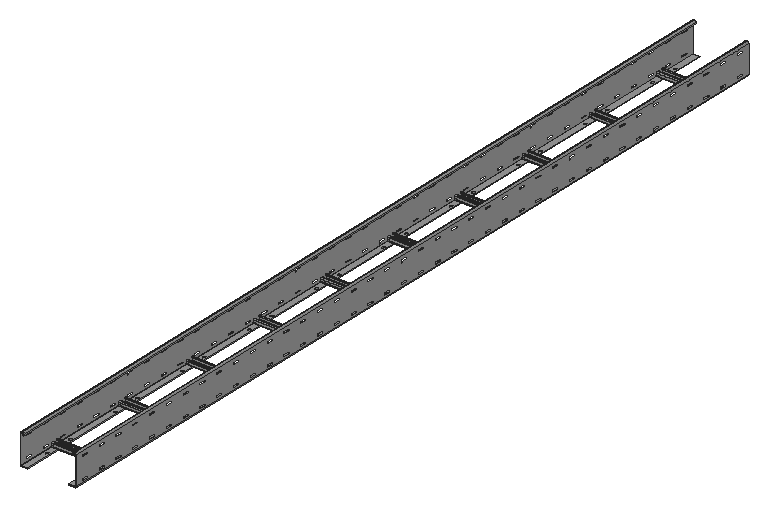
Revit family "Kabelleiter - LG 116 VS 6 FT -", category Generic Models, Revit 2017 (continued)
Dimensions and locks
  locked: Extrusion 74 sketch curve to Extrusion 74 sketch curve at 9
  locked: plane 219 to Extrusion 74 sketch curve at 4.5
  locked: plane 224 to plane 223 at 37.5
  locked: plane 224 to plane 225 at 75
  locked: plane 225 to Extrusion 75 sketch curve at 4.5
  locked: Extrusion 75 sketch curve to Extrusion 75 sketch curve at 28
  locked: Extrusion 75 sketch curve to plane 222 at 14
  locked: plane 226 to plane 227 at 75
  locked: Extrusion 76 sketch curve to Extrusion 76 sketch curve at 28
  locked: plane 228 to Extrusion 76 sketch curve at 14
  locked: Extrusion 76 sketch curve to Extrusion 76 sketch curve at 9
  locked: plane 226 to Extrusion 76 sketch curve at 4.5
  locked: plane 231 to plane 230 at 37.5
  locked: plane 231 to plane 232 at 75
  locked: plane 232 to Extrusion 77 sketch curve at 4.5
  locked: Extrusion 77 sketch curve to Extrusion 77 sketch curve at 28
  locked: Extrusion 77 sketch curve to plane 229 at 14
  locked: plane 233 to plane 234 at 75
  locked: Extrusion 78 sketch curve to Extrusion 78 sketch curve at 28
  locked: plane 235 to Extrusion 78 sketch curve at 14
  locked: Extrusion 78 sketch curve to Extrusion 78 sketch curve at 9
  locked: plane 233 to Extrusion 78 sketch curve at 4.5
  locked: plane 238 to plane 237 at 37.5
  locked: plane 238 to plane 239 at 75
  locked: plane 239 to Extrusion 79 sketch curve at 4.5
  locked: Extrusion 79 sketch curve to Extrusion 79 sketch curve at 28
  locked: Extrusion 79 sketch curve to plane 236 at 14
  locked: plane 240 to plane 241 at 75
  locked: Extrusion 80 sketch curve to Extrusion 80 sketch curve at 28
  locked: plane 242 to Extrusion 80 sketch curve at 14
  locked: Extrusion 80 sketch curve to Extrusion 80 sketch curve at 9
  locked: plane 240 to Extrusion 80 sketch curve at 4.5
  locked: plane 245 to plane 244 at 37.5
  locked: plane 245 to plane 246 at 75
  locked: plane 246 to Extrusion 81 sketch curve at 4.5
  locked: Extrusion 81 sketch curve to Extrusion 81 sketch curve at 28
  locked: Extrusion 81 sketch curve to plane 243 at 14
  locked: plane 247 to plane 248 at 75
  locked: Extrusion 82 sketch curve to Extrusion 82 sketch curve at 28
  locked: plane 249 to Extrusion 82 sketch curve at 14
  locked: Extrusion 82 sketch curve to Extrusion 82 sketch curve at 9
  locked: plane 247 to Extrusion 82 sketch curve at 4.5
  locked: plane 252 to plane 251 at 37.5
  locked: plane 252 to plane 253 at 75
  locked: plane 253 to Extrusion 83 sketch curve at 4.5
  locked: Extrusion 83 sketch curve to Extrusion 83 sketch curve at 28
  locked: Extrusion 83 sketch curve to plane 250 at 14
  locked: plane 254 to plane 255 at 75
  locked: Extrusion 84 sketch curve to Extrusion 84 sketch curve at 28
  locked: plane 256 to Extrusion 84 sketch curve at 14
  locked: Extrusion 84 sketch curve to Extrusion 84 sketch curve at 9
  locked: plane 254 to Extrusion 84 sketch curve at 4.5
  locked: plane 259 to plane 258 at 37.5
  locked: plane 259 to plane 260 at 75
  locked: plane 260 to Extrusion 85 sketch curve at 4.5
  locked: Extrusion 85 sketch curve to Extrusion 85 sketch curve at 28
  locked: Extrusion 85 sketch curve to plane 257 at 14
  locked: plane 261 to plane 262 at 75
  locked: Extrusion 86 sketch curve to Extrusion 86 sketch curve at 28
  locked: plane 263 to Extrusion 86 sketch curve at 14
  locked: Extrusion 86 sketch curve to Extrusion 86 sketch curve at 9
  locked: plane 261 to Extrusion 86 sketch curve at 4.5
  locked: plane 266 to plane 265 at 37.5
  locked: plane 266 to plane 267 at 75
  locked: plane 267 to Extrusion 87 sketch curve at 4.5
  locked: Extrusion 87 sketch curve to Extrusion 87 sketch curve at 28
  locked: Extrusion 87 sketch curve to plane 264 at 14
  locked: plane 268 to plane 269 at 75
  locked: Extrusion 88 sketch curve to Extrusion 88 sketch curve at 28
  locked: plane 270 to Extrusion 88 sketch curve at 14
  locked: Extrusion 88 sketch curve to Extrusion 88 sketch curve at 9
  locked: plane 268 to Extrusion 88 sketch curve at 4.5
  locked: plane 273 to plane 272 at 37.5
  locked: plane 273 to plane 274 at 75
  locked: plane 274 to Extrusion 89 sketch curve at 4.5
  locked: Extrusion 89 sketch curve to Extrusion 89 sketch curve at 28
  locked: Extrusion 89 sketch curve to plane 271 at 14
  locked: plane 275 to plane 276 at 75
  locked: Extrusion 90 sketch curve to Extrusion 90 sketch curve at 28
  locked: plane 277 to Extrusion 90 sketch curve at 14
  locked: Extrusion 90 sketch curve to Extrusion 90 sketch curve at 9
  locked: plane 275 to Extrusion 90 sketch curve at 4.5
  locked: plane 280 to plane 279 at 37.5
  locked: plane 280 to plane 281 at 75
  locked: plane 281 to Extrusion 91 sketch curve at 4.5
  locked: Extrusion 91 sketch curve to Extrusion 91 sketch curve at 28
  locked: Extrusion 91 sketch curve to plane 278 at 14
  locked: plane 282 to plane 283 at 75
  locked: Extrusion 92 sketch curve to Extrusion 92 sketch curve at 28
  locked: plane 284 to Extrusion 92 sketch curve at 14
  locked: Extrusion 92 sketch curve to Extrusion 92 sketch curve at 9
  locked: plane 282 to Extrusion 92 sketch curve at 4.5
  locked: plane 287 to plane 286 at 37.5
  locked: plane 287 to plane 288 at 75
  locked: plane 288 to Extrusion 93 sketch curve at 4.5
  locked: Extrusion 93 sketch curve to Extrusion 93 sketch curve at 28
  locked: Extrusion 93 sketch curve to plane 285 at 14
  locked: plane 289 to plane 290 at 75
  locked: Extrusion 94 sketch curve to Extrusion 94 sketch curve at 28
  locked: plane 291 to Extrusion 94 sketch curve at 14
  locked: Extrusion 94 sketch curve to Extrusion 94 sketch curve at 9
  locked: plane 289 to Extrusion 94 sketch curve at 4.5
  locked: plane 294 to plane 293 at 37.5
  locked: plane 294 to plane 295 at 75
  locked: plane 295 to Extrusion 95 sketch curve at 4.5
  locked: Extrusion 95 sketch curve to Extrusion 95 sketch curve at 28
  locked: Extrusion 95 sketch curve to plane 292 at 14
  locked: plane 296 to plane 297 at 75
  locked: Extrusion 96 sketch curve to Extrusion 96 sketch curve at 28
  locked: plane 298 to Extrusion 96 sketch curve at 14
  locked: Extrusion 96 sketch curve to Extrusion 96 sketch curve at 9
  locked: plane 296 to Extrusion 96 sketch curve at 4.5
  locked: plane 301 to plane 300 at 37.5
  locked: plane 301 to plane 302 at 75
  locked: plane 302 to Extrusion 97 sketch curve at 4.5
  locked: Extrusion 97 sketch curve to Extrusion 97 sketch curve at 28
  locked: Extrusion 97 sketch curve to plane 299 at 14
  locked: plane 303 to plane 304 at 75
  locked: Extrusion 98 sketch curve to Extrusion 98 sketch curve at 28
  locked: plane 305 to Extrusion 98 sketch curve at 14
  locked: Extrusion 98 sketch curve to Extrusion 98 sketch curve at 9
  locked: plane 303 to Extrusion 98 sketch curve at 4.5
  locked: plane 308 to plane 307 at 37.5
  locked: plane 308 to plane 309 at 75
  locked: plane 309 to Extrusion 99 sketch curve at 4.5
  locked: Extrusion 99 sketch curve to Extrusion 99 sketch curve at 28
  locked: Extrusion 99 sketch curve to plane 306 at 14
  locked: plane 310 to plane 311 at 75
  locked: Extrusion 100 sketch curve to Extrusion 100 sketch curve at 28
  locked: plane 312 to Extrusion 100 sketch curve at 14
  locked: Extrusion 100 sketch curve to Extrusion 100 sketch curve at 9
  locked: plane 310 to Extrusion 100 sketch curve at 4.5
  locked: plane 315 to plane 314 at 37.5
  locked: plane 315 to plane 316 at 75
  locked: plane 316 to Extrusion 101 sketch curve at 4.5
  locked: Extrusion 101 sketch curve to Extrusion 101 sketch curve at 28
  locked: Extrusion 101 sketch curve to plane 313 at 14
  locked: plane 317 to plane 318 at 75
  locked: Extrusion 102 sketch curve to Extrusion 102 sketch curve at 28
  locked: plane 319 to Extrusion 102 sketch curve at 14
  locked: Extrusion 102 sketch curve to Extrusion 102 sketch curve at 9
  locked: plane 317 to Extrusion 102 sketch curve at 4.5
  locked: plane 322 to plane 321 at 37.5
  locked: plane 322 to plane 323 at 75
  locked: plane 323 to Extrusion 103 sketch curve at 4.5
  locked: Extrusion 103 sketch curve to Extrusion 103 sketch curve at 28
  locked: Extrusion 103 sketch curve to plane 320 at 14
  locked: plane 324 to plane 325 at 75
  locked: Extrusion 104 sketch curve to Extrusion 104 sketch curve at 28
  locked: plane 326 to Extrusion 104 sketch curve at 14
  locked: Extrusion 104 sketch curve to Extrusion 104 sketch curve at 9
  locked: plane 324 to Extrusion 104 sketch curve at 4.5
  locked: plane 329 to plane 328 at 37.5
  locked: plane 329 to plane 330 at 75
  locked: plane 330 to Extrusion 105 sketch curve at 4.5
  locked: Extrusion 105 sketch curve to Extrusion 105 sketch curve at 28
  locked: Extrusion 105 sketch curve to plane 327 at 14
  locked: plane 331 to plane 332 at 75
  locked: Extrusion 106 sketch curve to Extrusion 106 sketch curve at 28
  locked: plane 333 to Extrusion 106 sketch curve at 14
  locked: Extrusion 106 sketch curve to Extrusion 106 sketch curve at 9
  locked: plane 331 to Extrusion 106 sketch curve at 4.5
  locked: plane 336 to plane 335 at 37.5
  locked: plane 336 to plane 337 at 75
  locked: plane 337 to Extrusion 107 sketch curve at 4.5
  locked: Extrusion 107 sketch curve to Extrusion 107 sketch curve at 28
  locked: Extrusion 107 sketch curve to plane 334 at 14
  locked: plane 338 to plane 339 at 75
  locked: Extrusion 108 sketch curve to Extrusion 108 sketch curve at 28
  locked: plane 340 to Extrusion 108 sketch curve at 14
  locked: Extrusion 108 sketch curve to Extrusion 108 sketch curve at 9
  locked: plane 338 to Extrusion 108 sketch curve at 4.5
  locked: plane 343 to plane 342 at 37.5
  locked: plane 343 to plane 344 at 75
  locked: plane 344 to Extrusion 109 sketch curve at 4.5
  locked: Extrusion 109 sketch curve to Extrusion 109 sketch curve at 28
  locked: Extrusion 109 sketch curve to plane 341 at 14
  locked: plane 345 to plane 346 at 75
  locked: Extrusion 110 sketch curve to Extrusion 110 sketch curve at 28
  locked: plane 347 to Extrusion 110 sketch curve at 14
  locked: Extrusion 110 sketch curve to Extrusion 110 sketch curve at 9
  locked: plane 345 to Extrusion 110 sketch curve at 4.5
  locked: plane 350 to plane 349 at 37.5
  locked: plane 350 to plane 351 at 75
  locked: plane 351 to Extrusion 111 sketch curve at 4.5
  locked: Extrusion 111 sketch curve to Extrusion 111 sketch curve at 28
  locked: Extrusion 111 sketch curve to plane 348 at 14
  locked: plane 352 to plane 353 at 75
  locked: Extrusion 112 sketch curve to Extrusion 112 sketch curve at 28
  locked: plane 354 to Extrusion 112 sketch curve at 14
  locked: Extrusion 112 sketch curve to Extrusion 112 sketch curve at 9
  locked: plane 352 to Extrusion 112 sketch curve at 4.5
  locked: plane 357 to plane 356 at 37.5
  locked: plane 357 to plane 358 at 75
  locked: plane 358 to Extrusion 113 sketch curve at 4.5
  locked: Extrusion 113 sketch curve to Extrusion 113 sketch curve at 28
  locked: Extrusion 113 sketch curve to plane 355 at 14
  locked: plane 359 to plane 360 at 75
  locked: Extrusion 114 sketch curve to Extrusion 114 sketch curve at 28
  locked: plane 361 to Extrusion 114 sketch curve at 14
  locked: Extrusion 114 sketch curve to Extrusion 114 sketch curve at 9
  locked: plane 359 to Extrusion 114 sketch curve at 4.5
  locked: plane 364 to plane 363 at 37.5
  locked: plane 364 to plane 365 at 75
  locked: plane 365 to Extrusion 115 sketch curve at 4.5
  locked: Extrusion 115 sketch curve to Extrusion 115 sketch curve at 28
  locked: Extrusion 115 sketch curve to plane 362 at 14
  locked: plane 366 to plane 367 at 75
  locked: Extrusion 116 sketch curve to Extrusion 116 sketch curve at 28
  locked: plane 368 to Extrusion 116 sketch curve at 14
  locked: Extrusion 116 sketch curve to Extrusion 116 sketch curve at 9
  locked: plane 366 to Extrusion 116 sketch curve at 4.5
  locked: plane 371 to plane 370 at 37.5
  locked: plane 371 to plane 372 at 75
  locked: plane 372 to Extrusion 117 sketch curve at 4.5
  locked: Extrusion 117 sketch curve to Extrusion 117 sketch curve at 28
  locked: Extrusion 117 sketch curve to plane 369 at 14
  locked: plane 373 to plane 374 at 75
  locked: Extrusion 118 sketch curve to Extrusion 118 sketch curve at 28
  locked: plane 375 to Extrusion 118 sketch curve at 14
  locked: Extrusion 118 sketch curve to Extrusion 118 sketch curve at 9
  locked: plane 373 to Extrusion 118 sketch curve at 4.5
  locked: plane 378 to plane 377 at 37.5
  locked: plane 378 to plane 379 at 75
  locked: plane 379 to Extrusion 119 sketch curve at 4.5
  locked: Extrusion 119 sketch curve to Extrusion 119 sketch curve at 28
  locked: Extrusion 119 sketch curve to plane 376 at 14
  locked: plane 380 to plane 381 at 75
  locked: Extrusion 120 sketch curve to Extrusion 120 sketch curve at 28
  locked: plane 382 to Extrusion 120 sketch curve at 14
  locked: Extrusion 120 sketch curve to Extrusion 120 sketch curve at 9
  locked: plane 380 to Extrusion 120 sketch curve at 4.5
  locked: plane 385 to plane 384 at 37.5
  locked: plane 385 to plane 386 at 75
  locked: plane 386 to Extrusion 121 sketch curve at 4.5
  locked: Extrusion 121 sketch curve to Extrusion 121 sketch curve at 28
  locked: Extrusion 121 sketch curve to plane 383 at 14
  locked: plane 387 to plane 388 at 75
  locked: Extrusion 122 sketch curve to Extrusion 122 sketch curve at 28
  locked: plane 389 to Extrusion 122 sketch curve at 14
  locked: Extrusion 122 sketch curve to Extrusion 122 sketch curve at 9
  locked: plane 387 to Extrusion 122 sketch curve at 4.5
  locked: plane 392 to plane 391 at 37.5
  locked: plane 392 to plane 393 at 75
  locked: plane 393 to Extrusion 123 sketch curve at 4.5
  locked: Extrusion 123 sketch curve to Extrusion 123 sketch curve at 28
  locked: Extrusion 123 sketch curve to plane 390 at 14
  locked: plane 394 to plane 395 at 75
  locked: Extrusion 124 sketch curve to Extrusion 124 sketch curve at 28
  locked: plane 396 to Extrusion 124 sketch curve at 14
  locked: Extrusion 124 sketch curve to Extrusion 124 sketch curve at 9
  locked: plane 394 to Extrusion 124 sketch curve at 4.5
  locked: plane 399 to plane 398 at 37.5
  locked: plane 399 to plane 400 at 75
  locked: plane 400 to Extrusion 125 sketch curve at 4.5
  locked: Extrusion 125 sketch curve to Extrusion 125 sketch curve at 28
  locked: Extrusion 125 sketch curve to plane 397 at 14
  locked: plane 401 to plane 402 at 75
  locked: Extrusion 126 sketch curve to Extrusion 126 sketch curve at 28
  locked: plane 403 to Extrusion 126 sketch curve at 14
  locked: Extrusion 126 sketch curve to Extrusion 126 sketch curve at 9
  locked: plane 401 to Extrusion 126 sketch curve at 4.5
  locked: plane 406 to plane 405 at 37.5
  locked: plane 406 to plane 407 at 75
  locked: plane 407 to Extrusion 127 sketch curve at 4.5
  locked: Extrusion 127 sketch curve to Extrusion 127 sketch curve at 28
  locked: Extrusion 127 sketch curve to plane 404 at 14
  locked: plane 408 to plane 409 at 75
  locked: Extrusion 128 sketch curve to Extrusion 128 sketch curve at 28
  locked: plane 410 to Extrusion 128 sketch curve at 14
  locked: Extrusion 128 sketch curve to Extrusion 128 sketch curve at 9
  locked: plane 408 to Extrusion 128 sketch curve at 4.5
  locked: plane 413 to plane 412 at 37.5
  locked: plane 413 to plane 414 at 75
  locked: plane 414 to Extrusion 129 sketch curve at 4.5
  locked: Extrusion 129 sketch curve to Extrusion 129 sketch curve at 28
  locked: Extrusion 129 sketch curve to plane 411 at 14
  locked: plane 415 to plane 416 at 75
  locked: Extrusion 130 sketch curve to Extrusion 130 sketch curve at 28
  locked: plane 417 to Extrusion 130 sketch curve at 14
  locked: Extrusion 130 sketch curve to Extrusion 130 sketch curve at 9
  locked: plane 415 to Extrusion 130 sketch curve at 4.5
  locked: plane 420 to plane 419 at 37.5
  locked: plane 420 to plane 421 at 75
  locked: plane 421 to Extrusion 131 sketch curve at 4.5
  locked: Extrusion 131 sketch curve to Extrusion 131 sketch curve at 28
  locked: Extrusion 131 sketch curve to plane 418 at 14
  locked: plane 422 to plane 423 at 75
  locked: Extrusion 132 sketch curve to Extrusion 132 sketch curve at 28
  locked: plane 424 to Extrusion 132 sketch curve at 14
  locked: Extrusion 132 sketch curve to Extrusion 132 sketch curve at 9
  locked: plane 422 to Extrusion 132 sketch curve at 4.5
  locked: plane 427 to plane 426 at 37.5
  locked: plane 427 to plane 428 at 75
  locked: plane 428 to Extrusion 133 sketch curve at 4.5
  locked: Extrusion 133 sketch curve to Extrusion 133 sketch curve at 28
  locked: Extrusion 133 sketch curve to plane 425 at 14
  locked: plane 429 to plane 430 at 75
  locked: Extrusion 134 sketch curve to Extrusion 134 sketch curve at 28
  locked: plane 431 to Extrusion 134 sketch curve at 14
  locked: Extrusion 134 sketch curve to Extrusion 134 sketch curve at 9
  locked: plane 429 to Extrusion 134 sketch curve at 4.5
  locked: plane 434 to plane 433 at 37.5
  locked: plane 434 to plane 435 at 75
  locked: plane 435 to Extrusion 135 sketch curve at 4.5
  locked: Extrusion 135 sketch curve to Extrusion 135 sketch curve at 28
  locked: Extrusion 135 sketch curve to plane 432 at 14
  locked: plane 436 to plane 437 at 75
  locked: Extrusion 136 sketch curve to Extrusion 136 sketch curve at 28
  locked: plane 438 to Extrusion 136 sketch curve at 14
  locked: Extrusion 136 sketch curve to Extrusion 136 sketch curve at 9
  locked: plane 436 to Extrusion 136 sketch curve at 4.5
  locked: plane 441 to plane 440 at 37.5
  locked: plane 441 to plane 442 at 75
  locked: plane 442 to Extrusion 137 sketch curve at 4.5
  locked: Extrusion 137 sketch curve to Extrusion 137 sketch curve at 28
  locked: Extrusion 137 sketch curve to plane 439 at 14
  locked: plane 443 to plane 444 at 75
  locked: Extrusion 138 sketch curve to Extrusion 138 sketch curve at 28
  locked: plane 445 to Extrusion 138 sketch curve at 14
  locked: Extrusion 138 sketch curve to Extrusion 138 sketch curve at 9
  locked: plane 443 to Extrusion 138 sketch curve at 4.5
  locked: plane 448 to plane 447 at 37.5
  locked: plane 448 to plane 449 at 75
  locked: plane 449 to Extrusion 139 sketch curve at 4.5
  locked: Extrusion 139 sketch curve to Extrusion 139 sketch curve at 28
  locked: Extrusion 139 sketch curve to plane 446 at 14
  locked: plane 450 to plane 451 at 75
  locked: Extrusion 140 sketch curve to Extrusion 140 sketch curve at 28
  locked: plane 452 to Extrusion 140 sketch curve at 14
  locked: Extrusion 140 sketch curve to Extrusion 140 sketch curve at 9
  locked: plane 450 to Extrusion 140 sketch curve at 4.5
  locked: plane 455 to plane 454 at 37.5
  locked: plane 455 to plane 456 at 75
  locked: plane 456 to Extrusion 141 sketch curve at 4.5
  locked: Extrusion 141 sketch curve to Extrusion 141 sketch curve at 28
  locked: Extrusion 141 sketch curve to plane 453 at 14
  locked: plane 457 to plane 458 at 75
  locked: Extrusion 142 sketch curve to Extrusion 142 sketch curve at 28
  locked: plane 459 to Extrusion 142 sketch curve at 14
  locked: Extrusion 142 sketch curve to Extrusion 142 sketch curve at 9
  locked: plane 457 to Extrusion 142 sketch curve at 4.5
  locked: plane 462 to plane 461 at 37.5
  locked: plane 462 to plane 463 at 75
  locked: plane 463 to Extrusion 143 sketch curve at 4.5
  locked: Extrusion 143 sketch curve to Extrusion 143 sketch curve at 28
  locked: Extrusion 143 sketch curve to plane 460 at 14
  locked: plane 464 to plane 465 at 75
  locked: Extrusion 144 sketch curve to Extrusion 144 sketch curve at 28
  locked: plane 466 to Extrusion 144 sketch curve at 14
  locked: Extrusion 144 sketch curve to Extrusion 144 sketch curve at 9
  locked: plane 464 to Extrusion 144 sketch curve at 4.5
  locked: plane 467 to plane 468 at 75
  Extrusion 145 sketch curve to Extrusion 145 sketch curve = 8.403 mm
  locked: plane 467 to Extrusion 145 sketch curve at 4.5
  locked: Extrusion 145 sketch curve to Extrusion 145 sketch curve at 28
  locked: Extrusion 145 sketch curve to plane 469 at 14
  locked: plane 470 to plane 471 at 75
  Extrusion 146 sketch curve to Extrusion 146 sketch curve = 8.403 mm
  locked: plane 470 to Extrusion 146 sketch curve at 4.5
  locked: Extrusion 146 sketch curve to Extrusion 146 sketch curve at 28
  locked: Extrusion 146 sketch curve to plane 472 at 14
  group 81 to group 82 = 0 mm  (x2)
  group 82 to group 81 = 75 mm
  Extrusion 147 sketch curve to Extrusion 147 sketch curve = 8.403 mm
  locked: plane 473 to Extrusion 147 sketch curve at 4.5
  locked: Extrusion 147 sketch curve to Extrusion 147 sketch curve at 28
  locked: Extrusion 147 sketch curve to plane 475 at 14
  locked: plane 476 to plane 477 at 75
  Extrusion 148 sketch curve to Extrusion 148 sketch curve = 8.403 mm
  locked: plane 476 to Extrusion 148 sketch curve at 4.5
  locked: Extrusion 148 sketch curve to Extrusion 148 sketch curve at 28
  locked: Extrusion 148 sketch curve to plane 478 at 14
  locked: plane 479 to plane 480 at 75
  Extrusion 149 sketch curve to Extrusion 149 sketch curve = 8.403 mm
  locked: plane 479 to Extrusion 149 sketch curve at 4.5
  locked: Extrusion 149 sketch curve to Extrusion 149 sketch curve at 28
  locked: Extrusion 149 sketch curve to plane 481 at 14
  group 85 to group 86 = 0 mm  (x2)
  group 86 to group 85 = 75 mm
  equal spacing: group 83, group 87, group 90, group 93, group 96, group 99, group 102, group 105, group 108, group 111, group 114, group 117, group 120, group 123, group 126, group 129, group 132, group 135, group 138, group 141, group 144, group 147, group 150, group 153, group 156, group 159, group 162, group 165, group 168, group 171, group 174, group 177, group 180, group 183, group 186, group 189, group 192, group 195, group 198, group 201  (x3)
  locked: plane 482 to plane 483 at 75
  Extrusion 150 sketch curve to Extrusion 150 sketch curve = 8.403 mm
  locked: plane 482 to Extrusion 150 sketch curve at 4.5
  locked: Extrusion 150 sketch curve to Extrusion 150 sketch curve at 28
  locked: Extrusion 150 sketch curve to plane 484 at 14
  locked: plane 485 to plane 486 at 75
  Extrusion 151 sketch curve to Extrusion 151 sketch curve = 8.403 mm
  locked: plane 485 to Extrusion 151 sketch curve at 4.5
  locked: Extrusion 151 sketch curve to Extrusion 151 sketch curve at 28
  locked: Extrusion 151 sketch curve to plane 487 at 14
  group 88 to group 89 = 0 mm  (x2)
  group 89 to group 88 = 75 mm
  locked: plane 488 to plane 489 at 75
  Extrusion 152 sketch curve to Extrusion 152 sketch curve = 8.403 mm
  locked: plane 488 to Extrusion 152 sketch curve at 4.5
  locked: Extrusion 152 sketch curve to Extrusion 152 sketch curve at 28
  locked: Extrusion 152 sketch curve to plane 490 at 14
  locked: plane 491 to plane 492 at 75
  Extrusion 153 sketch curve to Extrusion 153 sketch curve = 8.403 mm
  locked: plane 491 to Extrusion 153 sketch curve at 4.5
  locked: Extrusion 153 sketch curve to Extrusion 153 sketch curve at 28
  locked: Extrusion 153 sketch curve to plane 493 at 14
  group 91 to group 92 = 0 mm  (x2)
  group 92 to group 91 = 75 mm
  locked: plane 494 to plane 495 at 75
  Extrusion 154 sketch curve to Extrusion 154 sketch curve = 8.403 mm
  locked: plane 494 to Extrusion 154 sketch curve at 4.5
  locked: Extrusion 154 sketch curve to Extrusion 154 sketch curve at 28
  locked: Extrusion 154 sketch curve to plane 496 at 14
  locked: plane 497 to plane 498 at 75
  Extrusion 155 sketch curve to Extrusion 155 sketch curve = 8.403 mm
  locked: plane 497 to Extrusion 155 sketch curve at 4.5
  locked: Extrusion 155 sketch curve to Extrusion 155 sketch curve at 28
  locked: Extrusion 155 sketch curve to plane 499 at 14
  group 94 to group 95 = 0 mm  (x2)
  group 95 to group 94 = 75 mm
  locked: plane 500 to plane 501 at 75
  Extrusion 156 sketch curve to Extrusion 156 sketch curve = 8.403 mm
  locked: plane 500 to Extrusion 156 sketch curve at 4.5
  locked: Extrusion 156 sketch curve to Extrusion 156 sketch curve at 28
  locked: Extrusion 156 sketch curve to plane 502 at 14
  locked: plane 503 to plane 504 at 75
  Extrusion 157 sketch curve to Extrusion 157 sketch curve = 8.403 mm
  locked: plane 503 to Extrusion 157 sketch curve at 4.5
  locked: Extrusion 157 sketch curve to Extrusion 157 sketch curve at 28
  locked: Extrusion 157 sketch curve to plane 505 at 14
  group 97 to group 98 = 0 mm  (x2)
  group 98 to group 97 = 75 mm
  locked: plane 506 to plane 507 at 75
  Extrusion 158 sketch curve to Extrusion 158 sketch curve = 8.403 mm
  locked: plane 506 to Extrusion 158 sketch curve at 4.5
  locked: Extrusion 158 sketch curve to Extrusion 158 sketch curve at 28
  locked: Extrusion 158 sketch curve to plane 508 at 14
  locked: plane 509 to plane 510 at 75
  Extrusion 159 sketch curve to Extrusion 159 sketch curve = 8.403 mm
  locked: plane 509 to Extrusion 159 sketch curve at 4.5
  locked: Extrusion 159 sketch curve to Extrusion 159 sketch curve at 28
  locked: Extrusion 159 sketch curve to plane 511 at 14
  group 100 to group 101 = 0 mm  (x2)
  group 101 to group 100 = 75 mm
  locked: plane 512 to plane 513 at 75
  Extrusion 160 sketch curve to Extrusion 160 sketch curve = 8.403 mm
  locked: plane 512 to Extrusion 160 sketch curve at 4.5
  locked: Extrusion 160 sketch curve to Extrusion 160 sketch curve at 28
  locked: Extrusion 160 sketch curve to plane 514 at 14
  locked: plane 515 to plane 516 at 75
  Extrusion 161 sketch curve to Extrusion 161 sketch curve = 8.403 mm
  locked: plane 515 to Extrusion 161 sketch curve at 4.5
  locked: Extrusion 161 sketch curve to Extrusion 161 sketch curve at 28
  locked: Extrusion 161 sketch curve to plane 517 at 14
  group 103 to group 104 = 0 mm  (x2)
  group 104 to group 103 = 75 mm
  locked: plane 518 to plane 519 at 75
  Extrusion 162 sketch curve to Extrusion 162 sketch curve = 8.403 mm
  locked: plane 518 to Extrusion 162 sketch curve at 4.5
  locked: Extrusion 162 sketch curve to Extrusion 162 sketch curve at 28
  locked: Extrusion 162 sketch curve to plane 520 at 14
  locked: plane 521 to plane 522 at 75
  Extrusion 163 sketch curve to Extrusion 163 sketch curve = 8.403 mm
  locked: plane 521 to Extrusion 163 sketch curve at 4.5
  locked: Extrusion 163 sketch curve to Extrusion 163 sketch curve at 28
  locked: Extrusion 163 sketch curve to plane 523 at 14
  group 106 to group 107 = 0 mm  (x2)
  group 107 to group 106 = 75 mm
  locked: plane 524 to plane 525 at 75
  Extrusion 164 sketch curve to Extrusion 164 sketch curve = 8.403 mm
  locked: plane 524 to Extrusion 164 sketch curve at 4.5
  locked: Extrusion 164 sketch curve to Extrusion 164 sketch curve at 28
  locked: Extrusion 164 sketch curve to plane 526 at 14
  locked: plane 527 to plane 528 at 75
  Extrusion 165 sketch curve to Extrusion 165 sketch curve = 8.403 mm
  locked: plane 527 to Extrusion 165 sketch curve at 4.5
  locked: Extrusion 165 sketch curve to Extrusion 165 sketch curve at 28
  locked: Extrusion 165 sketch curve to plane 529 at 14
  group 109 to group 110 = 0 mm  (x2)
  group 110 to group 109 = 75 mm
  locked: plane 530 to plane 531 at 75
  Extrusion 166 sketch curve to Extrusion 166 sketch curve = 8.403 mm
  locked: plane 530 to Extrusion 166 sketch curve at 4.5
  locked: Extrusion 166 sketch curve to Extrusion 166 sketch curve at 28
  locked: Extrusion 166 sketch curve to plane 532 at 14
  locked: plane 533 to plane 534 at 75
  Extrusion 167 sketch curve to Extrusion 167 sketch curve = 8.403 mm
  locked: plane 533 to Extrusion 167 sketch curve at 4.5
  locked: Extrusion 167 sketch curve to Extrusion 167 sketch curve at 28
  locked: Extrusion 167 sketch curve to plane 535 at 14
  group 112 to group 113 = 0 mm  (x2)
  group 113 to group 112 = 75 mm
  locked: plane 536 to plane 537 at 75
  Extrusion 168 sketch curve to Extrusion 168 sketch curve = 8.403 mm
  locked: plane 536 to Extrusion 168 sketch curve at 4.5
  locked: Extrusion 168 sketch curve to Extrusion 168 sketch curve at 28
  locked: Extrusion 168 sketch curve to plane 538 at 14
  locked: plane 539 to plane 540 at 75
  Extrusion 169 sketch curve to Extrusion 169 sketch curve = 8.403 mm
  locked: plane 539 to Extrusion 169 sketch curve at 4.5
  locked: Extrusion 169 sketch curve to Extrusion 169 sketch curve at 28
  locked: Extrusion 169 sketch curve to plane 541 at 14
  group 115 to group 116 = 0 mm  (x2)
  group 116 to group 115 = 75 mm
  locked: plane 542 to plane 543 at 75
  Extrusion 170 sketch curve to Extrusion 170 sketch curve = 8.403 mm
  locked: plane 542 to Extrusion 170 sketch curve at 4.5
  locked: Extrusion 170 sketch curve to Extrusion 170 sketch curve at 28
  locked: Extrusion 170 sketch curve to plane 544 at 14
  locked: plane 545 to plane 546 at 75
  Extrusion 171 sketch curve to Extrusion 171 sketch curve = 8.403 mm
  locked: plane 545 to Extrusion 171 sketch curve at 4.5
  locked: Extrusion 171 sketch curve to Extrusion 171 sketch curve at 28
  locked: Extrusion 171 sketch curve to plane 547 at 14
  group 118 to group 119 = 0 mm  (x2)
  group 119 to group 118 = 75 mm
  locked: plane 548 to plane 549 at 75
  Extrusion 172 sketch curve to Extrusion 172 sketch curve = 8.403 mm
  locked: plane 548 to Extrusion 172 sketch curve at 4.5
  locked: Extrusion 172 sketch curve to Extrusion 172 sketch curve at 28
  locked: Extrusion 172 sketch curve to plane 550 at 14
  locked: plane 551 to plane 552 at 75
  Extrusion 173 sketch curve to Extrusion 173 sketch curve = 8.403 mm
  locked: plane 551 to Extrusion 173 sketch curve at 4.5
  locked: Extrusion 173 sketch curve to Extrusion 173 sketch curve at 28
  locked: Extrusion 173 sketch curve to plane 553 at 14
  group 121 to group 122 = 0 mm  (x2)
  group 122 to group 121 = 75 mm
  locked: plane 554 to plane 555 at 75
  Extrusion 174 sketch curve to Extrusion 174 sketch curve = 8.403 mm
  locked: plane 554 to Extrusion 174 sketch curve at 4.5
  locked: Extrusion 174 sketch curve to Extrusion 174 sketch curve at 28
  locked: Extrusion 174 sketch curve to plane 556 at 14
  locked: plane 557 to plane 558 at 75
  Extrusion 175 sketch curve to Extrusion 175 sketch curve = 8.403 mm
  locked: plane 557 to Extrusion 175 sketch curve at 4.5
  locked: Extrusion 175 sketch curve to Extrusion 175 sketch curve at 28
  locked: Extrusion 175 sketch curve to plane 559 at 14
  group 124 to group 125 = 0 mm  (x2)
  group 125 to group 124 = 75 mm
  locked: plane 560 to plane 561 at 75
  Extrusion 176 sketch curve to Extrusion 176 sketch curve = 8.403 mm
  locked: plane 560 to Extrusion 176 sketch curve at 4.5
  locked: Extrusion 176 sketch curve to Extrusion 176 sketch curve at 28
  locked: Extrusion 176 sketch curve to plane 562 at 14
  locked: plane 563 to plane 564 at 75
  Extrusion 177 sketch curve to Extrusion 177 sketch curve = 8.403 mm
  locked: plane 563 to Extrusion 177 sketch curve at 4.5
  locked: Extrusion 177 sketch curve to Extrusion 177 sketch curve at 28
  locked: Extrusion 177 sketch curve to plane 565 at 14
  group 127 to group 128 = 0 mm  (x2)
  group 128 to group 127 = 75 mm
  locked: plane 566 to plane 567 at 75
  Extrusion 178 sketch curve to Extrusion 178 sketch curve = 8.403 mm
  locked: plane 566 to Extrusion 178 sketch curve at 4.5
  locked: Extrusion 178 sketch curve to Extrusion 178 sketch curve at 28
  locked: Extrusion 178 sketch curve to plane 568 at 14
  locked: plane 569 to plane 570 at 75
  Extrusion 179 sketch curve to Extrusion 179 sketch curve = 8.403 mm
  locked: plane 569 to Extrusion 179 sketch curve at 4.5
  locked: Extrusion 179 sketch curve to Extrusion 179 sketch curve at 28
  locked: Extrusion 179 sketch curve to plane 571 at 14
  group 130 to group 131 = 0 mm  (x2)
  group 131 to group 130 = 75 mm
  locked: plane 572 to plane 573 at 75
  Extrusion 180 sketch curve to Extrusion 180 sketch curve = 8.403 mm
  locked: plane 572 to Extrusion 180 sketch curve at 4.5
  locked: Extrusion 180 sketch curve to Extrusion 180 sketch curve at 28
  locked: Extrusion 180 sketch curve to plane 574 at 14
  locked: plane 575 to plane 576 at 75
  Extrusion 181 sketch curve to Extrusion 181 sketch curve = 8.403 mm
  locked: plane 575 to Extrusion 181 sketch curve at 4.5
  locked: Extrusion 181 sketch curve to Extrusion 181 sketch curve at 28
  locked: Extrusion 181 sketch curve to plane 577 at 14
  group 133 to group 134 = 0 mm  (x2)
  group 134 to group 133 = 75 mm
  locked: plane 578 to plane 579 at 75
  Extrusion 182 sketch curve to Extrusion 182 sketch curve = 8.403 mm
  locked: plane 578 to Extrusion 182 sketch curve at 4.5
  locked: Extrusion 182 sketch curve to Extrusion 182 sketch curve at 28
  locked: Extrusion 182 sketch curve to plane 580 at 14
  locked: plane 581 to plane 582 at 75
  Extrusion 183 sketch curve to Extrusion 183 sketch curve = 8.403 mm
  locked: plane 581 to Extrusion 183 sketch curve at 4.5
  locked: Extrusion 183 sketch curve to Extrusion 183 sketch curve at 28
  locked: Extrusion 183 sketch curve to plane 583 at 14
  group 136 to group 137 = 0 mm  (x2)
  group 137 to group 136 = 75 mm
  locked: plane 584 to plane 585 at 75
  Extrusion 184 sketch curve to Extrusion 184 sketch curve = 8.403 mm
  locked: plane 584 to Extrusion 184 sketch curve at 4.5
  locked: Extrusion 184 sketch curve to Extrusion 184 sketch curve at 28
  locked: Extrusion 184 sketch curve to plane 586 at 14
  locked: plane 587 to plane 588 at 75
  Extrusion 185 sketch curve to Extrusion 185 sketch curve = 8.403 mm
  locked: plane 587 to Extrusion 185 sketch curve at 4.5
  locked: Extrusion 185 sketch curve to Extrusion 185 sketch curve at 28
  locked: Extrusion 185 sketch curve to plane 589 at 14
  group 139 to group 140 = 0 mm  (x2)
  group 140 to group 139 = 75 mm
  locked: plane 590 to plane 591 at 75
  Extrusion 186 sketch curve to Extrusion 186 sketch curve = 8.403 mm
  locked: plane 590 to Extrusion 186 sketch curve at 4.5
  locked: Extrusion 186 sketch curve to Extrusion 186 sketch curve at 28
  locked: Extrusion 186 sketch curve to plane 592 at 14
  locked: plane 593 to plane 594 at 75
  Extrusion 187 sketch curve to Extrusion 187 sketch curve = 8.403 mm
  locked: plane 593 to Extrusion 187 sketch curve at 4.5
  locked: Extrusion 187 sketch curve to Extrusion 187 sketch curve at 28
  locked: Extrusion 187 sketch curve to plane 595 at 14
  group 142 to group 143 = 0 mm  (x2)
  group 143 to group 142 = 75 mm
  locked: plane 596 to plane 597 at 75
  Extrusion 188 sketch curve to Extrusion 188 sketch curve = 8.403 mm
  locked: plane 596 to Extrusion 188 sketch curve at 4.5
  locked: Extrusion 188 sketch curve to Extrusion 188 sketch curve at 28
  locked: Extrusion 188 sketch curve to plane 598 at 14
  locked: plane 599 to plane 600 at 75
  Extrusion 189 sketch curve to Extrusion 189 sketch curve = 8.403 mm
  locked: plane 599 to Extrusion 189 sketch curve at 4.5
  locked: Extrusion 189 sketch curve to Extrusion 189 sketch curve at 28
  locked: Extrusion 189 sketch curve to plane 601 at 14
  group 145 to group 146 = 0 mm  (x2)
  group 146 to group 145 = 75 mm
  locked: plane 602 to plane 603 at 75
  Extrusion 190 sketch curve to Extrusion 190 sketch curve = 8.403 mm
  locked: plane 602 to Extrusion 190 sketch curve at 4.5
  locked: Extrusion 190 sketch curve to Extrusion 190 sketch curve at 28
  locked: Extrusion 190 sketch curve to plane 604 at 14
  locked: plane 605 to plane 606 at 75
  Extrusion 191 sketch curve to Extrusion 191 sketch curve = 8.403 mm
  locked: plane 605 to Extrusion 191 sketch curve at 4.5
  locked: Extrusion 191 sketch curve to Extrusion 191 sketch curve at 28
  locked: Extrusion 191 sketch curve to plane 607 at 14
  group 148 to group 149 = 0 mm  (x2)
  group 149 to group 148 = 75 mm
  locked: plane 608 to plane 609 at 75
  Extrusion 192 sketch curve to Extrusion 192 sketch curve = 8.403 mm
  locked: plane 608 to Extrusion 192 sketch curve at 4.5
  locked: Extrusion 192 sketch curve to Extrusion 192 sketch curve at 28
  locked: Extrusion 192 sketch curve to plane 610 at 14
  locked: plane 611 to plane 612 at 75
  Extrusion 193 sketch curve to Extrusion 193 sketch curve = 8.403 mm
  locked: plane 611 to Extrusion 193 sketch curve at 4.5
  locked: Extrusion 193 sketch curve to Extrusion 193 sketch curve at 28
  locked: Extrusion 193 sketch curve to plane 613 at 14
  group 151 to group 152 = 0 mm  (x2)
  group 152 to group 151 = 75 mm
  locked: plane 614 to plane 615 at 75
  Extrusion 194 sketch curve to Extrusion 194 sketch curve = 8.403 mm
  locked: plane 614 to Extrusion 194 sketch curve at 4.5
  locked: Extrusion 194 sketch curve to Extrusion 194 sketch curve at 28
  locked: Extrusion 194 sketch curve to plane 616 at 14
  locked: plane 617 to plane 618 at 75
  Extrusion 195 sketch curve to Extrusion 195 sketch curve = 8.403 mm
  locked: plane 617 to Extrusion 195 sketch curve at 4.5
  locked: Extrusion 195 sketch curve to Extrusion 195 sketch curve at 28
  locked: Extrusion 195 sketch curve to plane 619 at 14
  group 154 to group 155 = 0 mm  (x2)
  group 155 to group 154 = 75 mm
  locked: plane 620 to plane 621 at 75
  Extrusion 196 sketch curve to Extrusion 196 sketch curve = 8.403 mm
  locked: plane 620 to Extrusion 196 sketch curve at 4.5
  locked: Extrusion 196 sketch curve to Extrusion 196 sketch curve at 28
  locked: Extrusion 196 sketch curve to plane 622 at 14
  locked: plane 623 to plane 624 at 75
  Extrusion 197 sketch curve to Extrusion 197 sketch curve = 8.403 mm
  locked: plane 623 to Extrusion 197 sketch curve at 4.5
  locked: Extrusion 197 sketch curve to Extrusion 197 sketch curve at 28
  locked: Extrusion 197 sketch curve to plane 625 at 14
  group 157 to group 158 = 0 mm  (x2)
  group 158 to group 157 = 75 mm
  locked: plane 626 to plane 627 at 75
  Extrusion 198 sketch curve to Extrusion 198 sketch curve = 8.403 mm
  locked: plane 626 to Extrusion 198 sketch curve at 4.5
  locked: Extrusion 198 sketch curve to Extrusion 198 sketch curve at 28
  locked: Extrusion 198 sketch curve to plane 628 at 14
  locked: plane 629 to plane 630 at 75
  Extrusion 199 sketch curve to Extrusion 199 sketch curve = 8.403 mm
  locked: plane 629 to Extrusion 199 sketch curve at 4.5
  locked: Extrusion 199 sketch curve to Extrusion 199 sketch curve at 28
  locked: Extrusion 199 sketch curve to plane 631 at 14
  group 160 to group 161 = 0 mm  (x2)
  group 161 to group 160 = 75 mm
  locked: plane 632 to plane 633 at 75
  Extrusion 200 sketch curve to Extrusion 200 sketch curve = 8.403 mm
  locked: plane 632 to Extrusion 200 sketch curve at 4.5
  locked: Extrusion 200 sketch curve to Extrusion 200 sketch curve at 28
  locked: Extrusion 200 sketch curve to plane 634 at 14
  locked: plane 635 to plane 636 at 75
  Extrusion 201 sketch curve to Extrusion 201 sketch curve = 8.403 mm
  locked: plane 635 to Extrusion 201 sketch curve at 4.5
  locked: Extrusion 201 sketch curve to Extrusion 201 sketch curve at 28
  locked: Extrusion 201 sketch curve to plane 637 at 14
  group 163 to group 164 = 0 mm  (x2)
  group 164 to group 163 = 75 mm
  locked: plane 638 to plane 639 at 75
  Extrusion 202 sketch curve to Extrusion 202 sketch curve = 8.403 mm
  locked: plane 638 to Extrusion 202 sketch curve at 4.5
  locked: Extrusion 202 sketch curve to Extrusion 202 sketch curve at 28
  locked: Extrusion 202 sketch curve to plane 640 at 14
  locked: plane 641 to plane 642 at 75
  Extrusion 203 sketch curve to Extrusion 203 sketch curve = 8.403 mm
  locked: plane 641 to Extrusion 203 sketch curve at 4.5
  locked: Extrusion 203 sketch curve to Extrusion 203 sketch curve at 28
  locked: Extrusion 203 sketch curve to plane 643 at 14
  group 166 to group 167 = 0 mm  (x2)
  group 167 to group 166 = 75 mm
  locked: plane 644 to plane 645 at 75
  Extrusion 204 sketch curve to Extrusion 204 sketch curve = 8.403 mm
  locked: plane 644 to Extrusion 204 sketch curve at 4.5
  locked: Extrusion 204 sketch curve to Extrusion 204 sketch curve at 28
  locked: Extrusion 204 sketch curve to plane 646 at 14
  locked: plane 647 to plane 648 at 75
  Extrusion 205 sketch curve to Extrusion 205 sketch curve = 8.403 mm
  locked: plane 647 to Extrusion 205 sketch curve at 4.5
  locked: Extrusion 205 sketch curve to Extrusion 205 sketch curve at 28
  locked: Extrusion 205 sketch curve to plane 649 at 14
  group 169 to group 170 = 0 mm  (x2)
  group 170 to group 169 = 75 mm
  locked: plane 650 to plane 651 at 75
  Extrusion 206 sketch curve to Extrusion 206 sketch curve = 8.403 mm
  locked: plane 650 to Extrusion 206 sketch curve at 4.5
  locked: Extrusion 206 sketch curve to Extrusion 206 sketch curve at 28
  locked: Extrusion 206 sketch curve to plane 652 at 14
  locked: plane 653 to plane 654 at 75
  Extrusion 207 sketch curve to Extrusion 207 sketch curve = 8.403 mm
  locked: plane 653 to Extrusion 207 sketch curve at 4.5
  locked: Extrusion 207 sketch curve to Extrusion 207 sketch curve at 28
  locked: Extrusion 207 sketch curve to plane 655 at 14
  group 172 to group 173 = 0 mm  (x2)
  group 173 to group 172 = 75 mm
  locked: plane 656 to plane 657 at 75
  Extrusion 208 sketch curve to Extrusion 208 sketch curve = 8.403 mm
  locked: plane 656 to Extrusion 208 sketch curve at 4.5
  locked: Extrusion 208 sketch curve to Extrusion 208 sketch curve at 28
  locked: Extrusion 208 sketch curve to plane 658 at 14
  locked: plane 659 to plane 660 at 75
  Extrusion 209 sketch curve to Extrusion 209 sketch curve = 8.403 mm
  locked: plane 659 to Extrusion 209 sketch curve at 4.5
  locked: Extrusion 209 sketch curve to Extrusion 209 sketch curve at 28
  locked: Extrusion 209 sketch curve to plane 661 at 14
  group 175 to group 176 = 0 mm  (x2)
  group 176 to group 175 = 75 mm
  locked: plane 662 to plane 663 at 75
  Extrusion 210 sketch curve to Extrusion 210 sketch curve = 8.403 mm
  locked: plane 662 to Extrusion 210 sketch curve at 4.5
  locked: Extrusion 210 sketch curve to Extrusion 210 sketch curve at 28
  locked: Extrusion 210 sketch curve to plane 664 at 14
  locked: plane 665 to plane 666 at 75
  Extrusion 211 sketch curve to Extrusion 211 sketch curve = 8.403 mm
  locked: plane 665 to Extrusion 211 sketch curve at 4.5
  locked: Extrusion 211 sketch curve to Extrusion 211 sketch curve at 28
  locked: Extrusion 211 sketch curve to plane 667 at 14
  group 178 to group 179 = 0 mm  (x2)
  group 179 to group 178 = 75 mm
  locked: plane 668 to plane 669 at 75
  Extrusion 212 sketch curve to Extrusion 212 sketch curve = 8.403 mm
  locked: plane 668 to Extrusion 212 sketch curve at 4.5
  locked: Extrusion 212 sketch curve to Extrusion 212 sketch curve at 28
  locked: Extrusion 212 sketch curve to plane 670 at 14
  locked: plane 671 to plane 672 at 75
  Extrusion 213 sketch curve to Extrusion 213 sketch curve = 8.403 mm
  locked: plane 671 to Extrusion 213 sketch curve at 4.5
  locked: Extrusion 213 sketch curve to Extrusion 213 sketch curve at 28
  locked: Extrusion 213 sketch curve to plane 673 at 14
  group 181 to group 182 = 0 mm  (x2)
  group 182 to group 181 = 75 mm
  locked: plane 674 to plane 675 at 75
  Extrusion 214 sketch curve to Extrusion 214 sketch curve = 8.403 mm
  locked: plane 674 to Extrusion 214 sketch curve at 4.5
  locked: Extrusion 214 sketch curve to Extrusion 214 sketch curve at 28
  locked: Extrusion 214 sketch curve to plane 676 at 14
  locked: plane 677 to plane 678 at 75
  Extrusion 215 sketch curve to Extrusion 215 sketch curve = 8.403 mm
  locked: plane 677 to Extrusion 215 sketch curve at 4.5
  locked: Extrusion 215 sketch curve to Extrusion 215 sketch curve at 28
  locked: Extrusion 215 sketch curve to plane 679 at 14
  group 184 to group 185 = 0 mm  (x2)
  group 185 to group 184 = 75 mm
  locked: plane 680 to plane 681 at 75
  Extrusion 216 sketch curve to Extrusion 216 sketch curve = 8.403 mm
  locked: plane 680 to Extrusion 216 sketch curve at 4.5
  locked: Extrusion 216 sketch curve to Extrusion 216 sketch curve at 28
  locked: Extrusion 216 sketch curve to plane 682 at 14
  locked: plane 683 to plane 684 at 75
  Extrusion 217 sketch curve to Extrusion 217 sketch curve = 8.403 mm
  locked: plane 683 to Extrusion 217 sketch curve at 4.5
  locked: Extrusion 217 sketch curve to Extrusion 217 sketch curve at 28
  locked: Extrusion 217 sketch curve to plane 685 at 14
  group 187 to group 188 = 0 mm  (x2)
  group 188 to group 187 = 75 mm
  locked: plane 686 to plane 687 at 75
  Extrusion 218 sketch curve to Extrusion 218 sketch curve = 8.403 mm
  locked: plane 686 to Extrusion 218 sketch curve at 4.5
  locked: Extrusion 218 sketch curve to Extrusion 218 sketch curve at 28
  locked: Extrusion 218 sketch curve to plane 688 at 14
  locked: plane 689 to plane 690 at 75
  Extrusion 219 sketch curve to Extrusion 219 sketch curve = 8.403 mm
  locked: plane 689 to Extrusion 219 sketch curve at 4.5
  locked: Extrusion 219 sketch curve to Extrusion 219 sketch curve at 28
  locked: Extrusion 219 sketch curve to plane 691 at 14
  group 190 to group 191 = 0 mm  (x2)
  group 191 to group 190 = 75 mm
  locked: plane 692 to plane 693 at 75
  Extrusion 220 sketch curve to Extrusion 220 sketch curve = 8.403 mm
  locked: plane 692 to Extrusion 220 sketch curve at 4.5
  locked: Extrusion 220 sketch curve to Extrusion 220 sketch curve at 28
  locked: Extrusion 220 sketch curve to plane 694 at 14
  locked: plane 695 to plane 696 at 75
  Extrusion 221 sketch curve to Extrusion 221 sketch curve = 8.403 mm
  locked: plane 695 to Extrusion 221 sketch curve at 4.5
  locked: Extrusion 221 sketch curve to Extrusion 221 sketch curve at 28
  locked: Extrusion 221 sketch curve to plane 697 at 14
  group 193 to group 194 = 0 mm  (x2)
  group 194 to group 193 = 75 mm
  locked: plane 698 to plane 699 at 75
  Extrusion 222 sketch curve to Extrusion 222 sketch curve = 8.403 mm
  locked: plane 698 to Extrusion 222 sketch curve at 4.5
  locked: Extrusion 222 sketch curve to Extrusion 222 sketch curve at 28
  locked: Extrusion 222 sketch curve to plane 700 at 14
  locked: plane 701 to plane 702 at 75
  Extrusion 223 sketch curve to Extrusion 223 sketch curve = 8.403 mm
  locked: plane 701 to Extrusion 223 sketch curve at 4.5
  locked: Extrusion 223 sketch curve to Extrusion 223 sketch curve at 28
  locked: Extrusion 223 sketch curve to plane 703 at 14
  group 196 to group 197 = 0 mm  (x2)
  group 197 to group 196 = 75 mm
  locked: plane 704 to plane 705 at 75
  Extrusion 224 sketch curve to Extrusion 224 sketch curve = 8.403 mm
  locked: plane 704 to Extrusion 224 sketch curve at 4.5
  locked: Extrusion 224 sketch curve to Extrusion 224 sketch curve at 28
  locked: Extrusion 224 sketch curve to plane 706 at 14
  locked: plane 707 to plane 708 at 75
  Extrusion 225 sketch curve to Extrusion 225 sketch curve = 8.403 mm
  locked: plane 707 to Extrusion 225 sketch curve at 4.5
  locked: Extrusion 225 sketch curve to Extrusion 225 sketch curve at 28
  locked: Extrusion 225 sketch curve to plane 709 at 14
  group 199 to group 200 = 0 mm  (x2)
  group 200 to group 199 = 75 mm
  locked: plane 710 to plane 711 at 50
  locked: plane 711 to plane 712 at 50
  locked: Extrusion 226 sketch curve to Extrusion 226 sketch curve at 7
  locked: plane 713 to Extrusion 226 sketch curve at 3.5
  locked: Extrusion 226 sketch curve to plane 710 at 10
  locked: plane 710 to Extrusion 226 sketch curve at 10
  locked: plane 714 to plane 715 at 50
  locked: plane 715 to plane 716 at 50
  locked: Extrusion 227 sketch curve to Extrusion 227 sketch curve at 7
  locked: plane 717 to Extrusion 227 sketch curve at 3.5
  locked: Extrusion 227 sketch curve to plane 714 at 10
  locked: plane 714 to Extrusion 227 sketch curve at 10
  locked: plane 718 to plane 719 at 50
  locked: plane 719 to plane 720 at 50
  locked: Extrusion 228 sketch curve to Extrusion 228 sketch curve at 7
  locked: plane 721 to Extrusion 228 sketch curve at 3.5
  locked: Extrusion 228 sketch curve to plane 718 at 10
  locked: plane 718 to Extrusion 228 sketch curve at 10
  locked: Extrusion 229 sketch curve to Extrusion 229 sketch curve at 7
  locked: plane 723 to Extrusion 229 sketch curve at 3.5
  locked: Extrusion 229 sketch curve to plane 722 at 10
  locked: plane 722 to Extrusion 229 sketch curve at 10
  locked: Extrusion 230 sketch curve to Extrusion 230 sketch curve at 7
  locked: plane 725 to Extrusion 230 sketch curve at 3.5
  locked: Extrusion 230 sketch curve to plane 724 at 10
  locked: plane 724 to Extrusion 230 sketch curve at 10
  locked: Extrusion 231 sketch curve to Extrusion 231 sketch curve at 7
  locked: plane 727 to Extrusion 231 sketch curve at 3.5
  locked: Extrusion 231 sketch curve to plane 726 at 10
  locked: plane 726 to Extrusion 231 sketch curve at 10
  equal spacing: group 206, group 207, group 208  (x3)
  locked: Extrusion 232 sketch curve to Extrusion 232 sketch curve at 7
  locked: plane 729 to Extrusion 232 sketch curve at 3.5
  locked: Extrusion 232 sketch curve to plane 728 at 10
  locked: plane 728 to Extrusion 232 sketch curve at 10
  locked: Extrusion 233 sketch curve to Extrusion 233 sketch curve at 7
  locked: plane 731 to Extrusion 233 sketch curve at 3.5
  locked: Extrusion 233 sketch curve to plane 730 at 10
  locked: plane 730 to Extrusion 233 sketch curve at 10
  equal spacing: group 209, group 210, group 211  (x3)
  locked: Extrusion 234 sketch curve to Extrusion 234 sketch curve at 7
  locked: plane 733 to Extrusion 234 sketch curve at 3.5
  locked: Extrusion 234 sketch curve to plane 732 at 10
  locked: plane 732 to Extrusion 234 sketch curve at 10
  locked: Extrusion 235 sketch curve to Extrusion 235 sketch curve at 7
  locked: plane 735 to Extrusion 235 sketch curve at 3.5
  locked: Extrusion 235 sketch curve to plane 734 at 10
  locked: plane 734 to Extrusion 235 sketch curve at 10
  equal spacing: group 212, group 213, group 214  (x3)
  locked: Extrusion 236 sketch curve to Extrusion 236 sketch curve at 7
  locked: plane 737 to Extrusion 236 sketch curve at 3.5
  locked: Extrusion 236 sketch curve to plane 736 at 10
  locked: plane 736 to Extrusion 236 sketch curve at 10
  locked: Extrusion 237 sketch curve to Extrusion 237 sketch curve at 7
  locked: plane 739 to Extrusion 237 sketch curve at 3.5
  locked: Extrusion 237 sketch curve to plane 738 at 10
  locked: plane 738 to Extrusion 237 sketch curve at 10
  equal spacing: group 215, group 216, group 217  (x3)
  locked: Extrusion 238 sketch curve to Extrusion 238 sketch curve at 7
  locked: plane 741 to Extrusion 238 sketch curve at 3.5
  locked: Extrusion 238 sketch curve to plane 740 at 10
  locked: plane 740 to Extrusion 238 sketch curve at 10
  locked: Extrusion 239 sketch curve to Extrusion 239 sketch curve at 7
  locked: plane 743 to Extrusion 239 sketch curve at 3.5
  locked: Extrusion 239 sketch curve to plane 742 at 10
  locked: plane 742 to Extrusion 239 sketch curve at 10
  equal spacing: group 218, group 219, group 220  (x3)
  locked: Extrusion 240 sketch curve to Extrusion 240 sketch curve at 7
  locked: plane 745 to Extrusion 240 sketch curve at 3.5
  locked: Extrusion 240 sketch curve to plane 744 at 10
  locked: plane 744 to Extrusion 240 sketch curve at 10
  locked: Extrusion 241 sketch curve to Extrusion 241 sketch curve at 7
  locked: plane 747 to Extrusion 241 sketch curve at 3.5
  locked: Extrusion 241 sketch curve to plane 746 at 10
  locked: plane 746 to Extrusion 241 sketch curve at 10
  equal spacing: group 221, group 222, group 223  (x3)
  locked: Extrusion 242 sketch curve to Extrusion 242 sketch curve at 7
  locked: plane 749 to Extrusion 242 sketch curve at 3.5
  locked: Extrusion 242 sketch curve to plane 748 at 10
  locked: plane 748 to Extrusion 242 sketch curve at 10
  locked: Extrusion 243 sketch curve to Extrusion 243 sketch curve at 7
  locked: plane 751 to Extrusion 243 sketch curve at 3.5
  locked: Extrusion 243 sketch curve to plane 750 at 10
  locked: plane 750 to Extrusion 243 sketch curve at 10
  equal spacing: group 224, group 225, group 226  (x3)
  locked: Extrusion 244 sketch curve to Extrusion 244 sketch curve at 7
  locked: plane 753 to Extrusion 244 sketch curve at 3.5
  locked: Extrusion 244 sketch curve to plane 752 at 10
  locked: plane 752 to Extrusion 244 sketch curve at 10
  aligned and locked: level to plane 2
  aligned and locked: plane 5 to Extrusion 1
  aligned and locked: plane 6 to Extrusion 2 sketch curve
  aligned and locked: Extrusion 2 sketch curve to plane 8
  aligned and locked: Extrusion 2 to Extrusion 1
  aligned and locked: cut or joined group 1 (Extrusion 2, Extrusion 3, Extrusion 4, Extrusion 21, Extrusion 22, Extrusion 24, Extrusion 26, Extrusion 28, Extrusion 30, Extrusion 32, Extrusion 34, Extrusion 36, Extrusion 38, Extrusion 40, Extrusion 42, Extrusion 44, Extrusion 46, Extrusion 48, Extrusion 50, Extrusion 52, Extrusion 54, Extrusion 56, Extrusion 58, Extrusion 67, Extrusion 68, Extrusion 69, Extrusion 70, Extrusion 71, Extrusion 72, Extrusion 73, Extrusion 74, Extrusion 75, Extrusion 76, Extrusion 77, Extrusion 78, Extrusion 79, Extrusion 80, Extrusion 81, Extrusion 82, Extrusion 83, Extrusion 84, Extrusion 85, Extrusion 86, Extrusion 87, Extrusion 88, Extrusion 89, Extrusion 90, Extrusion 91, Extrusion 92, Extrusion 93, Extrusion 94, Extrusion 95, Extrusion 96, Extrusion 97, Extrusion 98, Extrusion 99, Extrusion 100, Extrusion 101, Extrusion 102, Extrusion 103, Extrusion 104, Extrusion 105, Extrusion 106, Extrusion 107, Extrusion 108, Extrusion 109, Extrusion 110, Extrusion 111, Extrusion 112, Extrusion 113, Extrusion 114, Extrusion 115, Extrusion 116, Extrusion 117, Extrusion 118, Extrusion 119, Extrusion 120, Extrusion 121, Extrusion 122, Extrusion 123, Extrusion 124, Extrusion 125, Extrusion 126, Extrusion 127, Extrusion 128, Extrusion 129, Extrusion 130, Extrusion 131, Extrusion 132, Extrusion 133, Extrusion 134, Extrusion 135, Extrusion 136, Extrusion 137, Extrusion 138, Extrusion 139, Extrusion 140, Extrusion 141, Extrusion 142, Extrusion 143, Extrusion 144, Extrusion 145) to Extrusion 3  (x2)
  aligned and locked: cut or joined group 1 to Extrusion 4  (x2)
  aligned and locked: cut or joined group 1 to cut or joined group 1  (x21)
  aligned and locked: Extrusion 6 to cut or joined group 1
  aligned and locked: plane 22 to Extrusion 6  (x2)
  aligned and locked: plane 5 to Extrusion 2
